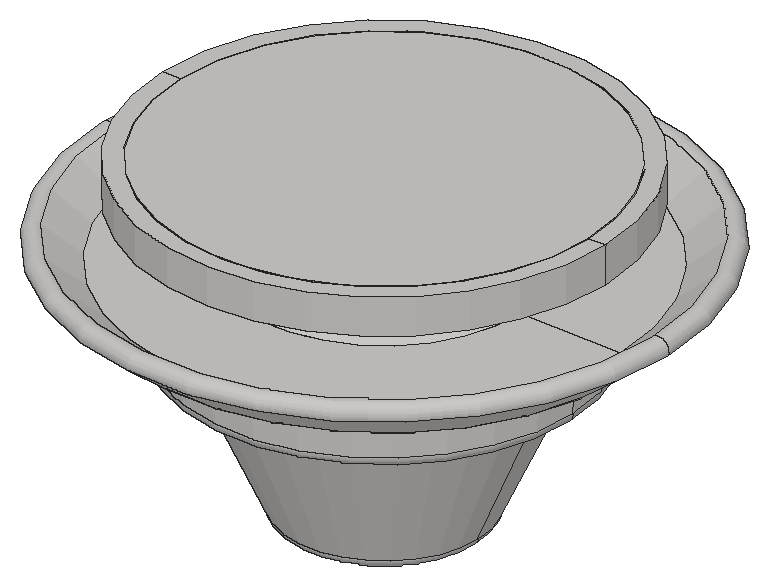
Revit family
Parameters (values of type "9700 (2"Diameter)")
  Weight (lb) = 0
  Warranty = "1 year material and workmanship"  # constant formula
  URL = "http://jrsmith.com"
  Threaded Connection = no
  Technical and Installation = "http://www.jrsmith.com/products/spec/spec_tech.htm"
  SmartBIM Object Version = 3  # constant formula
  SmartBIM Object Created By = "Reed Construction Data"  # constant formula
  Schedule 40 Butt Weld = yes
  Product URL = "http://www.jrsmith.com/products/spec/submittal/d9700.pdf\r\n"
  OmniClass Title = "Sanitary Drains"  # constant formula
  OmniClass Code = "22-22 13 19 13"  # constant formula
  Model = "9700"  # constant formula
  Max. Static Load = ""
  Material Finish = Duco coated
  Material = Stainless Steel Satin
  Manufacturer = "Jay R. Smith Mfg. Co."  # constant formula
  Grille Cover = Steel Polished
  Free Area(Sq In) = ""
  Flow Rate = ""
  Description = "CF8 rough finish stainless steel body and round adjustable strainer head with satin finished top"  # constant formula
  Default Elevation = 48"
  Caulk Connection = no
  Capacity = ""
  Assembly Code = "D2030300"
  Adjustable Height = 2 35/128"
  Action = ""
  Pipe Diameter = 2"
  Pipe Radius = Pipe Diameter / 2  # 1"
  95 CSI = "15155"  # constant formula
  04 CSI = "22 13 19"  # constant formula
Types (4): name | Pipe Diameter | Pipe Radius
  (no name) | 2" | 1"
  9700 (2"Diameter) | 2" | 1"
  9700 (3"Diameter) | 3" | 1 1/2"
  9700 (4"Diameter) | 4" | 2"
Reference planes (in)
  plane 1 "Center (Front/Back)": y = 0
  plane 2: z = 0
  plane 3 "Center (Left/Right)": x = -2.79823
  plane 4: x = -1.79823
  plane 5: x = -3.79823
  plane 6: x = 0.70177
  plane 7: x = -6.29823
  plane 8: x = -7.29823
  plane 9: x = 1.70177
Forms (in)
  Revolve 1, solid, material "Stainless Steel Satin" <- "Material"
    sketch origin (0, 0, -4.99969) x (1, 0, 0) y (0, 0, 1)
      loop
        line (-6.29823, 4.44553) -> (-4.11163, 3.96954) -> (-4.96161, 3.56269) -> (-6.53238, 3.56269) -> (-7.0471, 3.96655)
        arc (-7.0471, 3.96655) -> (-7.2396, 3.96763) -> (-7.28854, 3.78144) r 0.15706
        line (-7.28854, 3.78144) -> (-6.6369, 3.27015)
        arc (-6.6369, 3.27015) -> (-6.61464, 3.25624) -> (-6.58886, 3.25139) r 0.0709
        line (-6.58886, 3.25139) -> (-5.90946, 3.25139)
        arc (-5.90946, 3.25139) -> (-5.85832, 3.2302) -> (-5.83714, 3.17906) r 0.07233
        line (-5.83714, 3.17906) -> (-5.78413, 2.43031)
        arc (-5.78413, 2.43031) -> (-5.73842, 2.31996) -> (-5.62806, 2.27424) r 0.15607
        line (-5.62806, 2.27424) -> (-5.29353, 2.27424)
        arc (-5.29353, 2.27424) -> (-5.23816, 2.25131) -> (-5.21523, 2.19594) r 0.0783
        line (-5.21523, 2.19594) -> (-4.27811, 0.12675)
        arc (-4.27811, 0.12675) -> (-4.23236, 0.03693) -> (-4.13826, 0.00081) r 0.14063
        line (-4.13826, 0.00081) -> (-3.79823, 0.00081) -> (-3.79823, 0.24293) -> (-3.97728, 0.24293) -> (-4.92667, 2.42894)
        arc (-4.92667, 2.42894) -> (-4.97254, 2.53968) -> (-5.08328, 2.58555) r 0.15661
        line (-5.08328, 2.58555) -> (-5.41583, 2.58555)
        arc (-5.41583, 2.58555) -> (-5.46697, 2.60673) -> (-5.48816, 2.65787) r 0.07233
        line (-5.48816, 2.65787) -> (-5.52428, 3.16807)
        arc (-5.52428, 3.16807) -> (-5.49987, 3.22699) -> (-5.44096, 3.25139) r 0.08332
        line (-5.44096, 3.25139) -> (-4.11632, 3.25139) -> (-4.11632, 2.95306) -> (-3.75314, 2.95306) -> (-3.75314, 4.03599)
        arc (-3.75314, 4.03599) -> (-3.78429, 4.1075) -> (-3.84988, 4.14972) r 0.13459
        line (-3.84988, 4.14972) -> (-5.63188, 4.51544) -> (-5.75777, 4.51544) -> (-5.75777, 4.73162) -> (-6.02583, 4.73162) -> (-6.02583, 4.99969) -> (-6.29823, 4.99969) -> (-6.29823, 4.44553)
      axis (-2.79823, 4.99969) -> (-2.79823, 0.00081)
    angle from 0 to 360
  Extrusion 2, solid, material "Steel Polished" <- "Grille Cover"
    sketch origin (0, 0, 1.92439) x (1, 0, 0) y (0, 1, 0)
      loop
        circle (-2.79823, 0) r 3.22761
    from -2.19392 to -1.92439
Dimensions and locks (in)
  "Pipe Radius": Revolve 1 sketch curve to plane 5
  equal spacing: plane 4, plane 3 "Center (Left/Right)", plane 5
  "Pipe Radius": plane 3 "Center (Left/Right)" to plane 5
  locked: plane 7 to plane 6 at 7
  locked: plane 9 to plane 8 at 9
  locked: Revolve 1 sketch curve to plane 8 at 0.00968
  locked: Revolve 1 sketch curve to plane 8 at 0.25113
  locked: plane 3 "Center (Left/Right)" to plane 8 at 4.5
  locked: Revolve 1 sketch curve to Revolve 1 sketch curve at 0.24212
  "Adjustable Height": Revolve 1 sketch curve to Revolve 1 sketch curve
  locked: Revolve 1 sketch curve to Revolve 1 sketch curve at 0.18821
  aligned and locked: plane 7 to Revolve 1 sketch curve
  aligned and locked: Revolve 1 sketch curve to plane 5
Automatic sketch dimensions
  plane 8 to Revolve 1 sketch curve = 0.15418"
  plane 7 to Revolve 1 sketch curve = 0.33867"
  Revolve 1 sketch curve to Revolve 1 sketch curve = 0.04804"
  plane 7 to Revolve 1 sketch curve = 0.23416"
  Revolve 1 sketch curve to plane 7 = 0.27239"
  Revolve 1 sketch curve to plane 7 = 0.38876"
  Revolve 1 sketch curve to Revolve 1 sketch curve = 0.07233"  (x3)
  Revolve 1 sketch curve to plane 7 = 0.5141"
  Revolve 1 sketch curve to Revolve 1 sketch curve = 0.26807"
  Revolve 1 sketch curve to Revolve 1 sketch curve = 0.12589"
  Revolve 1 sketch curve to Revolve 1 sketch curve = 0.15607"
  Revolve 1 sketch curve to Revolve 1 sketch curve = 0.31286"
  Revolve 1 sketch curve to Revolve 1 sketch curve = 0.1399"
  Revolve 1 sketch curve to Revolve 1 sketch curve = 0.08332"
  Revolve 1 sketch curve to Revolve 1 sketch curve = 0.33453"
  Revolve 1 sketch curve to Revolve 1 sketch curve = 0.0783"
  Revolve 1 sketch curve to Revolve 1 sketch curve = 0.33256"
  Revolve 1 sketch curve to Revolve 1 sketch curve = 0.47935"
  Revolve 1 sketch curve to Revolve 1 sketch curve = 0.15661"
  Revolve 1 sketch curve to plane 5 = 0.47989"
  Revolve 1 sketch curve to Revolve 1 sketch curve = 0.13986"
  Revolve 1 sketch curve to plane 5 = 0.3181"
  Revolve 1 sketch curve to plane 5 = 0.31341"
  Revolve 1 sketch curve to plane 5 = 0.17906"
  Revolve 1 sketch curve to plane 5 = 0.08858"
  Revolve 1 sketch curve to plane 5 = 0.05166"
  plane 5 to Revolve 1 sketch curve = 0.04509"
  Revolve 1 sketch curve to Revolve 1 sketch curve = 0.2404"
  Revolve 1 sketch curve to Revolve 1 sketch curve = 0.05214"
  Revolve 1 sketch curve to Revolve 1 sketch curve = 0.29833"
  Revolve 1 sketch curve to Revolve 1 sketch curve = 0.5102"
  Revolve 1 sketch curve to Revolve 1 sketch curve = 0.22756"
  Revolve 1 sketch curve to Revolve 1 sketch curve = 44.56138"
  Extrusion 2 sketch curve to Extrusion 2 sketch curve = 0"  (x2)
  Extrusion 2 sketch curve to plane 1 "Center (Front/Back)" = 0"
  Extrusion 2 sketch curve to plane 3 "Center (Left/Right)" = 0"
  Extrusion 2 sketch curve to plane 7 = 0.27239"
  Revolve 1 sketch curve to Revolve 1 sketch curve = 0.2861"
  Revolve 1 sketch curve to level = 0.84997"
  Revolve 1 sketch curve to Revolve 1 sketch curve = 0.11373"
  Revolve 1 sketch curve to Revolve 1 sketch curve = 0.05075"
  Revolve 1 sketch curve to Revolve 1 sketch curve = 0.47898"
  Revolve 1 sketch curve to Revolve 1 sketch curve = 0.12356"
  Revolve 1 sketch curve to Revolve 1 sketch curve = 0.40685"
  Revolve 1 sketch curve to level = 0"
  Revolve 1 sketch curve to Revolve 1 sketch curve = 7/32"
  Revolve 1 sketch curve to Revolve 1 sketch curve = 0.21618"
  level to Revolve 1 sketch curve = 89.06534"
Connectors (in)
  piping at (-2.79823, 0, -4.99888), driven by "Pipe Radius"
    settings: on Revolve 1, index 1
